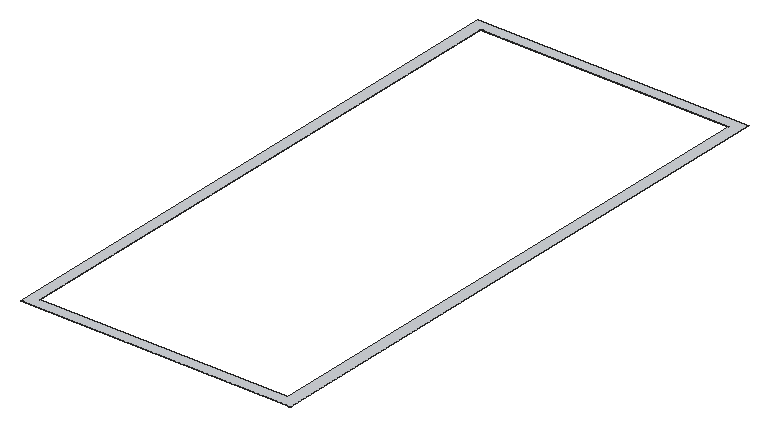
Revit family "停车位", category 停车场, Revit 2018
Family settings
  基于工作平面 = 否
  总是垂直 = 是
  加载时剪切的空心 = 否
  共享 = 否
Parameters
  编号 [instance] = ""
  材质 = none
  停车场长度 = 5300 mm
  停车场宽度 = 2500 mm
  h = 2 mm
  a = 100 mm
Reference planes
  plane 1 "中心(前/后)": y = 0
  plane 2: z = 0
  plane 3 "中心(左/右)": x = 0
  plane 4: y = 2650
  plane 5: x = -1250
  plane 6: x = 1250
  plane 7: y = -2650
Forms (mm)
  Extrusion 1, solid, material <- "材质"
    sketch origin (0, 0, 0) x (1, 0, 0) y (0, 1, 0)
      loop
        line (-1250, 2650) -> (-1250, -2650) -> (1250, -2650) -> (1250, 2650) -> (-1250, 2650)
      loop
        line (-1150, 2550) -> (-1150, -2550) -> (1150, -2550) -> (1150, 2550) -> (-1150, 2550)
    from 0 to 2 <- "h"
Dimensions and locks
  equal spacing: plane 4, plane 1 "中心(前/后)", plane 7
  equal spacing: plane 5, plane 3 "中心(左/右)", plane 6
  "停车场宽度": plane 5 to plane 6
  "停车场长度": plane 4 to plane 7
  "a": Extrusion 1 sketch curve to Extrusion 1 sketch curve  (x4)
  aligned and locked: level to plane 2
  aligned and locked: Extrusion 1 sketch curve to plane 4
  aligned and locked: plane 5 to Extrusion 1 sketch curve
  aligned and locked: plane 7 to Extrusion 1 sketch curve
  aligned and locked: Extrusion 1 sketch curve to plane 6
